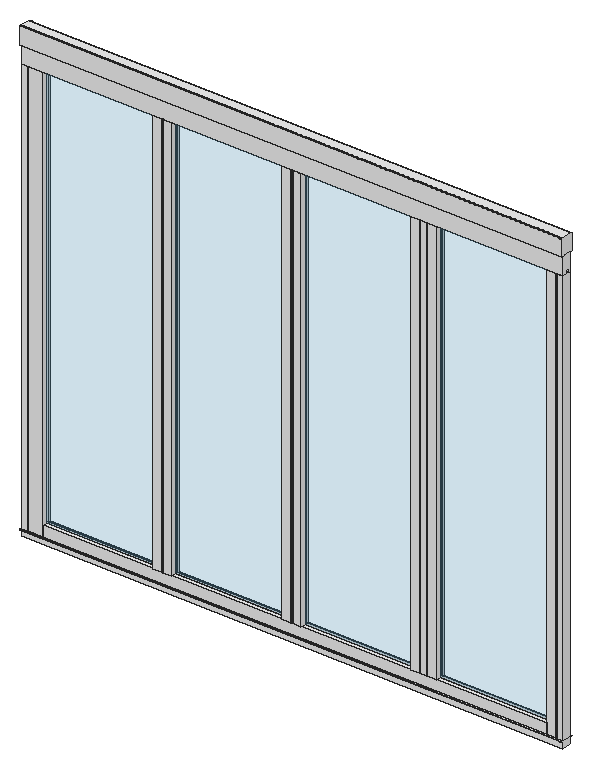
Revit family "Window-NanaWall-HSW-60", category Windows, host Wall, Revit 2013 (continued)
Definition of nested family "Right-Jamb_HSW-60"
  Definition of nested family "Profile_RightJamb_HSW60"
    Lines and regions (in)
      model lines, in view "Ref. Level"
        curve 894: line (-2.14743, 0.61943, 0) -> (-2.15919, 0.6398, 0)
        curve 895: line (-2.15919, 0.6398, 0) -> (-2.15919, 0.67417, 0)
        curve 896: line (-2.15919, 0.67417, 0) -> (-2.15919, 0.6398, 0)
        curve 897: line (-2.15919, 0.6398, 0) -> (-2.14743, 0.61943, 0)
        curve 898: line (-2.14743, 0.61943, 0) -> (-2.15919, 0.59906, 0)
        curve 899: line (-2.15919, 0.59906, 0) -> (-2.15919, 0.34934, 0)
        curve 900: line (-1.99384, 0.76278, 0) -> (-2.10611, 0.73943, 0)
        curve 901: line (-2.10611, 0.73943, 0) -> (-1.99384, 0.76278, 0)
        curve 902: line (-1.99384, 0.76278, 0) -> (-2.10611, 0.73943, 0)
        curve 903: line (-2.10611, 0.73943, 0) -> (-1.99384, 0.76278, 0)
        curve 904: line (-0.12447, 1.09773, 0) -> (-0.02254, 1.09773, 0)
        curve 905: line (-0.02254, 1.09773, 0) -> (-0.12447, 1.09773, 0)
        curve 906: line (-0.12447, 1.09773, 0) -> (-0.02254, 1.09773, 0)
        curve 907: line (-0.02254, 1.09773, 0) -> (-0.12447, 1.09773, 0)
        curve 908: line (-0.29697, 0.93307, 0) -> (-0.29697, 0.99481, 0)
        curve 909: line (-0.29697, 0.99481, 0) -> (-0.29697, 0.93307, 0)
        curve 910: line (-0.29697, 0.93307, 0) -> (-0.29697, 0.99481, 0)
        curve 911: line (-0.29697, 0.99481, 0) -> (-0.29697, 0.93307, 0)
        curve 912: line (-0.21072, 0.89386, 0) -> (-0.21072, 0.92523, 0)
        curve 913: line (-0.21072, 0.92523, 0) -> (-0.21072, 0.89386, 0)
        curve 914: line (-0.21072, 0.89386, 0) -> (-0.25777, 0.89386, 0)
        curve 915: line (-0.25777, 0.89386, 0) -> (-0.21072, 0.89386, 0)
        curve 916: line (-0.21072, 0.89386, 0) -> (-0.21072, 0.92523, 0)
        curve 917: line (-0.21072, 0.92523, 0) -> (-0.21072, 0.89386, 0)
        curve 918: line (-0.21072, 0.89386, 0) -> (-0.25777, 0.89386, 0)
        curve 919: line (-0.25777, 0.89386, 0) -> (-0.21072, 0.89386, 0)
        curve 920: line (-0.04848, 0.89827, 0) -> (-0.18491, 0.94382, 0)
        curve 921: line (-0.18491, 0.94382, 0) -> (-0.04848, 0.89827, 0)
        curve 922: line (-0.04848, 0.89827, 0) -> (-0.18491, 0.94382, 0)
        curve 923: line (-0.18491, 0.94382, 0) -> (-0.04848, 0.89827, 0)
        curve 924: line (-0.00294, 0.34934, 0) -> (-0.00294, 0.83506, 0)
        curve 925: line (-0.00294, 0.83506, 0) -> (-0.00294, 0.34934, 0)
        curve 926: line (-0.06959, 0.54886, 0) -> (-0.94668, 0.54886, 0)
        curve 927: line (-0.94668, 0.54886, 0) -> (-0.06959, 0.54886, 0)
        curve 928: line (-0.06959, 0.54886, 0) -> (-0.94668, 0.54886, 0)
        curve 929: line (-0.94668, 0.54886, 0) -> (-0.06959, 0.54886, 0)
        curve 930: line (-0.06959, 0.54886, 0) -> (-0.06959, 0.83506, 0)
        curve 931: line (-0.06959, 0.83506, 0) -> (-0.25777, 0.83506, 0)
        curve 932: line (-0.25777, 0.83506, 0) -> (-0.06959, 0.83506, 0)
        curve 933: line (-0.06959, 0.83506, 0) -> (-0.06959, 0.54886, 0)
        curve 934: line (-0.06959, 0.54886, 0) -> (-0.06959, 0.83506, 0)
        curve 935: line (-0.06959, 0.83506, 0) -> (-0.25777, 0.83506, 0)
        curve 936: line (-0.25777, 0.83506, 0) -> (-0.06959, 0.83506, 0)
        curve 937: line (-0.06959, 0.83506, 0) -> (-0.06959, 0.54886, 0)
        curve 938: line (-0.07645, 0.46261, 0) -> (-0.07645, 0.44144, 0)
        curve 939: line (-0.07645, 0.44144, 0) -> (-0.12055, 0.36505, 0)
        curve 940: line (-0.12055, 0.36505, 0) -> (-0.12055, 0.35535, 0)
        curve 941: line (-0.12055, 0.35535, 0) -> (-0.12055, 0.36505, 0)
        curve 942: line (-0.12055, 0.36505, 0) -> (-0.07645, 0.44144, 0)
        curve 943: line (-0.07645, 0.44144, 0) -> (-0.07645, 0.46261, 0)
        curve 944: line (-0.07645, 0.46261, 0) -> (-0.07645, 0.44144, 0)
        curve 945: line (-0.07645, 0.44144, 0) -> (-0.12055, 0.36505, 0)
        curve 946: line (-0.12055, 0.36505, 0) -> (-0.12055, 0.35535, 0)
        curve 947: line (-0.12055, 0.35535, 0) -> (-0.02763, 0.3304, 0)
        curve 948: line (-0.02762, 0.3304, 0) -> (-0.12055, 0.3553, 0)
        curve 949: line (-0.95944, 0.47045, 0) -> (-0.35405, 0.47045, 0)
        curve 950: line (-0.35405, 0.47045, 0) -> (-0.29746, 0.37244, 0)
        curve 951: line (-0.29746, 0.37244, 0) -> (-0.35405, 0.47045, 0)
        curve 952: line (-0.35405, 0.47045, 0) -> (-0.95944, 0.47045, 0)
        curve 953: line (-1.86467, 0.37244, 0) -> (-1.80808, 0.47045, 0)
        curve 954: line (-1.80808, 0.47045, 0) -> (-1.16349, 0.47045, 0)
        curve 955: line (-1.16349, 0.47045, 0) -> (-1.80808, 0.47045, 0)
        curve 956: line (-1.80808, 0.47045, 0) -> (-1.86467, 0.37244, 0)
        curve 957: line (-1.96317, 0.35284, 0) -> (-1.89862, 0.35284, 0)
        curve 958: line (-1.89862, 0.35284, 0) -> (-1.96317, 0.35284, 0)
        curve 959: line (-1.96317, 0.35284, 0) -> (-1.96317, 0.36505, 0)
        curve 960: line (-1.96317, 0.36505, 0) -> (-1.91906, 0.44144, 0)
        curve 961: line (-1.91906, 0.44144, 0) -> (-1.91906, 0.46261, 0)
        curve 962: line (-1.17625, 0.54886, 0) -> (-1.50447, 0.54886, 0)
        curve 963: line (-1.50447, 0.54886, 0) -> (-1.50447, 0.78801, 0)
        curve 964: line (-1.50447, 0.78801, 0) -> (-1.3751, 0.78801, 0)
        curve 965: line (-1.3751, 0.78801, 0) -> (-1.50447, 0.78801, 0)
        curve 966: line (-1.50447, 0.78801, 0) -> (-1.3751, 0.78801, 0)
        curve 967: line (-1.96317, -0.35284, 0) -> (-1.89862, -0.35284, 0)
        curve 968: line (-1.89862, -0.35284, 0) -> (-1.95294, -0.35284, 0)
        curve 969: line (-1.95294, -0.35284, 0) -> (-1.89862, -0.35284, 0)
        curve 970: line (-1.89862, -0.35284, 0) -> (-1.96317, -0.35284, 0)
        curve 971: line (-1.96317, -0.35284, 0) -> (-1.96317, -0.36505, 0)
        curve 972: line (-1.96317, -0.36505, 0) -> (-1.91906, -0.44144, 0)
        curve 973: line (-1.91906, -0.44144, 0) -> (-1.91906, -0.46261, 0)
        curve 974: line (-1.91906, -0.46261, 0) -> (-1.91906, -0.44144, 0)
        curve 975: line (-1.91906, -0.44144, 0) -> (-1.96317, -0.36505, 0)
        curve 976: line (-1.96317, -0.36505, 0) -> (-1.96317, -0.32593, 0)
        curve 977: line (-1.96317, -0.32593, 0) -> (-1.96317, -0.36505, 0)
        curve 978: line (-0.95944, -0.47045, 0) -> (-0.35405, -0.47045, 0)
        curve 979: line (-0.35405, -0.47045, 0) -> (-0.29746, -0.37244, 0)
        curve 980: line (-0.29746, -0.37244, 0) -> (-0.35405, -0.47045, 0)
        curve 981: line (-0.35405, -0.47045, 0) -> (-0.95944, -0.47045, 0)
        curve 982: line (-0.19896, -0.35284, 0) -> (-0.26351, -0.35284, 0)
        curve 983: line (-0.26351, -0.35284, 0) -> (-0.19896, -0.35284, 0)
        curve 984: line (-0.19896, -0.35284, 0) -> (-0.19896, -0.36505, 0)
        curve 985: line (-0.19896, -0.36505, 0) -> (-0.24307, -0.44144, 0)
        curve 986: line (-0.24307, -0.44144, 0) -> (-0.24307, -0.46261, 0)
        curve 987: line (-0.24307, -0.46261, 0) -> (-0.24307, -0.44144, 0)
        curve 988: line (-0.24307, -0.44144, 0) -> (-0.19896, -0.36505, 0)
        curve 989: line (-0.19896, -0.36505, 0) -> (-0.19896, -0.32593, 0)
        curve 990: line (-0.19896, -0.32593, 0) -> (-0.19896, -0.36505, 0)
        curve 991: line (-0.19896, -0.36505, 0) -> (-0.24307, -0.44144, 0)
        curve 992: line (-0.24307, -0.44144, 0) -> (-0.24307, -0.46261, 0)
        curve 993: line (-2.15919, -0.67417, 0) -> (-2.15919, -0.6398, 0)
        curve 994: line (-2.15919, -0.6398, 0) -> (-2.14743, -0.61943, 0)
        curve 995: line (-2.14743, -0.61943, 0) -> (-2.15919, -0.59906, 0)
        curve 996: line (-2.15919, -0.59906, 0) -> (-2.15919, -0.34934, 0)
        curve 997: line (-2.15919, -0.34934, 0) -> (-2.15919, -0.59906, 0)
        curve 998: line (-2.15919, -0.59906, 0) -> (-2.14743, -0.61943, 0)
        curve 999: line (-2.14743, -0.61943, 0) -> (-2.15919, -0.6398, 0)
        curve 1000: line (-2.15919, -0.6398, 0) -> (-2.15919, -0.67417, 0)
        curve 1001: line (-1.99384, -0.76278, 0) -> (-2.10611, -0.73943, 0)
        curve 1002: line (-2.10611, -0.73943, 0) -> (-1.99384, -0.76278, 0)
        curve 1003: line (-1.57112, -0.87034, 0) -> (-1.57112, -0.54886, 0)
        curve 1004: line (-1.57112, -0.54886, 0) -> (-2.09254, -0.54886, 0)
        curve 1005: line (-2.09254, -0.54886, 0) -> (-2.09254, -0.69019, 0)
        curve 1006: line (-2.09254, -0.69019, 0) -> (-1.98346, -0.71288, 0)
        curve 1007: line (-1.98346, -0.71288, 0) -> (-2.09254, -0.69019, 0)
        curve 1008: line (-2.09254, -0.69019, 0) -> (-2.09254, -0.54886, 0)
        curve 1009: line (-2.09254, -0.54886, 0) -> (-1.57112, -0.54886, 0)
        curve 1010: line (-1.57112, -0.54886, 0) -> (-1.57112, -0.87034, 0)
        curve 1011: line (-1.53192, -0.88994, 0) -> (-1.53192, -0.85074, 0)
        curve 1012: line (-1.53192, -0.85074, 0) -> (-1.3751, -0.85074, 0)
        curve 1013: line (-1.3751, -0.85074, 0) -> (-1.3751, -1.10557, 0)
        curve 1014: line (-1.3751, -1.10557, 0) -> (-1.53192, -1.10557, 0)
        curve 1015: line (-1.53192, -1.10557, 0) -> (-1.53192, -1.06636, 0)
        curve 1016: line (-1.53192, -1.06636, 0) -> (-1.55152, -1.06636, 0)
        curve 1017: line (-1.55152, -1.06636, 0) -> (-1.53192, -1.06636, 0)
        curve 1018: line (-1.53192, -1.06636, 0) -> (-1.53192, -1.10557, 0)
        curve 1019: line (-1.53192, -1.10557, 0) -> (-1.3751, -1.10557, 0)
        curve 1020: line (-1.3751, -1.10557, 0) -> (-1.3751, -0.85074, 0)
        curve 1021: line (-1.3751, -0.85074, 0) -> (-1.53192, -0.85074, 0)
        curve 1022: line (-1.53192, -0.85074, 0) -> (-1.53192, -0.88994, 0)
        curve 1023: line (-1.53192, -0.88994, 0) -> (-1.55152, -0.88994, 0)
        curve 1024: line (-1.55152, -0.88994, 0) -> (-1.53192, -0.88994, 0)
        curve 1025: line (-1.53192, -0.88994, 0) -> (-1.53192, -0.86054, 0)
        curve 1026: line (-1.53192, -0.86054, 0) -> (-1.51232, -0.86054, 0)
        curve 1027: line (-1.51232, -0.86054, 0) -> (-1.44419, -0.93983, 0)
        curve 1028: line (-0.00294, -1.11733, 0) -> (-0.00294, -1.16438, 0)
        curve 1029: line (-0.00294, -1.16438, 0) -> (-1.57112, -1.16438, 0)
        curve 1030: line (-1.57112, -1.16438, 0) -> (-1.57112, -1.08597, 0)
        curve 1031: line (-1.57112, -1.08597, 0) -> (-1.57112, -1.16438, 0)
        curve 1032: line (-1.57112, -1.16438, 0) -> (-0.00294, -1.16438, 0)
        curve 1033: line (-0.00294, -1.16438, 0) -> (-0.00294, -1.11733, 0)
        curve 1034: line (-0.12447, -1.09773, 0) -> (-0.02254, -1.09773, 0)
        curve 1035: line (-0.02254, -1.09773, 0) -> (-0.12447, -1.09773, 0)
        curve 1036: line (-0.29697, -0.93307, 0) -> (-0.29697, -0.99481, 0)
        curve 1037: line (-0.29697, -0.99481, 0) -> (-0.29697, -0.93307, 0)
        curve 1038: line (-0.21072, -0.92523, 0) -> (-0.21072, -0.89386, 0)
        curve 1039: line (-0.21072, -0.89386, 0) -> (-0.25777, -0.89386, 0)
        curve 1040: line (-0.25777, -0.89386, 0) -> (-0.21072, -0.89386, 0)
        curve 1041: line (-0.21072, -0.89386, 0) -> (-0.21072, -0.92523, 0)
        curve 1042: line (-0.04848, -0.89827, 0) -> (-0.18491, -0.94382, 0)
        curve 1043: line (-0.18491, -0.94382, 0) -> (-0.04848, -0.89827, 0)
        curve 1044: line (-0.00294, -0.34934, 0) -> (-0.00294, -0.83506, 0)
        curve 1045: line (-0.00294, -0.83506, 0) -> (-0.00294, -0.34934, 0)
        curve 1046: line (-1.80808, -0.47045, 0) -> (-1.86467, -0.37244, 0)
        curve 1047: line (-1.86467, -0.37244, 0) -> (-1.80808, -0.47045, 0)
        curve 1048: line (-1.80808, -0.47045, 0) -> (-1.16349, -0.47045, 0)
        curve 1049: line (-1.16349, -0.47045, 0) -> (-1.80808, -0.47045, 0)
        curve 1050: line (-1.80808, -0.47045, 0) -> (-1.86467, -0.37244, 0)
        curve 1051: line (-1.86467, -0.37244, 0) -> (-1.80808, -0.47045, 0)
        curve 1052: line (-1.80808, -0.47045, 0) -> (-1.16349, -0.47045, 0)
        curve 1053: line (-1.16349, -0.47045, 0) -> (-1.80808, -0.47045, 0)
        curve 1054: line (-1.50447, -0.78801, 0) -> (-1.50447, -0.54886, 0)
        curve 1055: line (-1.50447, -0.54886, 0) -> (-1.17625, -0.54886, 0)
        curve 1056: line (-1.17625, -0.54886, 0) -> (-1.50447, -0.54886, 0)
        curve 1057: line (-1.50447, -0.54886, 0) -> (-1.50447, -0.78801, 0)
        curve 1058: line (-1.50447, -0.78801, 0) -> (-1.3751, -0.78801, 0)
        curve 1059: line (-1.3751, -0.78801, 0) -> (-1.50447, -0.78801, 0)
        curve 1060: line (-1.50447, -0.78801, 0) -> (-1.50447, -0.54886, 0)
        curve 1061: line (-1.50447, -0.54886, 0) -> (-1.17625, -0.54886, 0)
        curve 1062: line (-1.17625, -0.54886, 0) -> (-1.50447, -0.54886, 0)
        curve 1063: line (-1.50447, -0.54886, 0) -> (-1.50447, -0.78801, 0)
        curve 1064: line (-1.50447, -0.78801, 0) -> (-1.3751, -0.78801, 0)
        curve 1065: line (-1.3751, -0.78801, 0) -> (-1.50447, -0.78801, 0)
        curve 1066: line (-1.30845, -0.85466, 0) -> (-1.30845, -1.09381, 0)
        curve 1067: line (-1.30845, -1.09381, 0) -> (-1.30845, -0.85466, 0)
        curve 1068: line (-1.30845, -0.85466, 0) -> (-1.30845, -1.09381, 0)
        curve 1069: line (-1.30845, -1.09381, 0) -> (-0.36362, -1.09381, 0)
        curve 1070: line (-0.36362, -1.09381, 0) -> (-0.36362, -0.94091, 0)
        curve 1071: line (-0.36362, -0.94091, 0) -> (-0.36362, -1.09381, 0)
        curve 1072: line (-0.36362, -1.09381, 0) -> (-1.30845, -1.09381, 0)
        curve 1073: line (-1.30845, -1.09381, 0) -> (-1.30845, -0.85466, 0)
        curve 1074: line (-0.25777, -0.83506, 0) -> (-0.06959, -0.83506, 0)
        curve 1075: line (-0.06959, -0.83506, 0) -> (-0.06959, -0.54886, 0)
        curve 1076: line (-0.06959, -0.54886, 0) -> (-0.94668, -0.54886, 0)
        curve 1077: line (-0.94668, -0.54886, 0) -> (-0.06959, -0.54886, 0)
        curve 1078: line (-0.06959, -0.54886, 0) -> (-0.06959, -0.83506, 0)
        curve 1079: line (-0.06959, -0.83506, 0) -> (-0.25777, -0.83506, 0)
        curve 1105: line (-0.36362, -1.09381, 0) -> (-0.36362, -0.94091, 0)
        curve 1106: line (-0.36362, -0.94091, 0) -> (-0.36362, -1.09381, 0)
        curve 1107: line (-0.24307, 0.46261, 0) -> (-0.24307, 0.44144, 0)
        curve 1108: line (-0.24307, 0.44144, 0) -> (-0.19896, 0.36505, 0)
        curve 1109: line (-0.19896, 0.36505, 0) -> (-0.19896, 0.32593, 0)
        curve 1110: line (-0.19896, 0.32593, 0) -> (-0.19896, 0.36505, 0)
        curve 1111: line (-0.19896, 0.36505, 0) -> (-0.24307, 0.44144, 0)
        curve 1112: line (-0.24307, 0.44144, 0) -> (-0.24307, 0.46261, 0)
        curve 1113: line (-0.24307, 0.46261, 0) -> (-0.24307, 0.44144, 0)
        curve 1114: line (-0.24307, 0.44144, 0) -> (-0.19896, 0.36505, 0)
        curve 1115: line (-0.19896, 0.36505, 0) -> (-0.19896, 0.35284, 0)
        curve 1116: line (-0.19896, 0.35284, 0) -> (-0.26351, 0.35284, 0)
        curve 1117: line (-0.26351, 0.35284, 0) -> (-0.19896, 0.35284, 0)
        curve 1118: line (-0.07645, -0.46261, 0) -> (-0.07645, -0.44144, 0)
        curve 1119: line (-0.07645, -0.44144, 0) -> (-0.12055, -0.36505, 0)
        curve 1120: line (-0.12055, -0.36505, 0) -> (-0.12055, -0.35535, 0)
        curve 1121: line (-0.12055, -0.35535, 0) -> (-0.02763, -0.3304, 0)
        curve 1122: line (-0.02763, -0.3304, 0) -> (-0.12055, -0.35535, 0)
        curve 1123: line (-0.12055, -0.35535, 0) -> (-0.12055, -0.36505, 0)
        curve 1124: line (-0.12055, -0.36505, 0) -> (-0.07645, -0.44144, 0)
        curve 1125: line (-0.07645, -0.44144, 0) -> (-0.07645, -0.46261, 0)
        curve 1126: line (-0.07645, -0.46261, 0) -> (-0.07645, -0.44144, 0)
        curve 1127: line (-0.07645, -0.44144, 0) -> (-0.12055, -0.36505, 0)
        curve 1128: line (-0.12055, -0.36505, 0) -> (-0.12055, -0.35535, 0)
        curve 1129: line (-2.08568, -0.46261, 0) -> (-2.08568, -0.44144, 0)
        curve 1130: line (-2.08568, -0.44144, 0) -> (-2.04158, -0.36505, 0)
        curve 1131: line (-2.04158, -0.36505, 0) -> (-2.04158, -0.35535, 0)
        curve 1132: line (-0.36362, 1.09381, 0) -> (-0.36362, 0.94091, 0)
        curve 1133: line (-0.36362, 0.94091, 0) -> (-0.36362, 1.09381, 0)
        curve 1134: line (-0.36362, 1.09381, 0) -> (-1.30845, 1.09381, 0)
        curve 1135: line (-1.30845, 1.09381, 0) -> (-1.30845, 0.85466, 0)
        curve 1136: line (-1.53192, 0.88994, 0) -> (-1.53192, 0.85074, 0)
        curve 1137: line (-1.53192, 0.85074, 0) -> (-1.3751, 0.85074, 0)
        curve 1138: line (-1.3751, 0.85074, 0) -> (-1.3751, 1.10557, 0)
        curve 1139: line (-1.3751, 1.10557, 0) -> (-1.53192, 1.10557, 0)
        curve 1140: line (-1.53192, 1.10557, 0) -> (-1.53192, 1.06636, 0)
        curve 1141: line (-1.53192, 1.06636, 0) -> (-1.55152, 1.06636, 0)
        curve 1142: line (-1.57112, 1.08597, 0) -> (-1.57112, 1.16438, 0)
        curve 1143: line (-1.57112, 1.16438, 0) -> (-0.00294, 1.16438, 0)
        curve 1144: line (-0.00294, 1.16438, 0) -> (-0.00294, 1.11733, 0)
        curve 1145: line (-0.00294, 1.11733, 0) -> (-0.00294, 1.16438, 0)
        curve 1146: line (-1.57112, 0.87034, 0) -> (-1.57112, 0.54886, 0)
        curve 1147: line (-1.57112, 0.54886, 0) -> (-2.09254, 0.54886, 0)
        curve 1148: line (-2.09254, 0.54886, 0) -> (-2.09254, 0.69019, 0)
        curve 1149: line (-2.09254, 0.69019, 0) -> (-1.98346, 0.71288, 0)
        curve 1150: line (-1.98346, 0.71288, 0) -> (-2.09254, 0.69019, 0)
        curve 1151: line (-2.09254, 0.69019, 0) -> (-2.09254, 0.54886, 0)
        curve 1152: arc (-2.10611, 0.73943, 0) -> (-2.14425, 0.71623, 0) -> (-2.15919, 0.67417, 0) r 0.06665
        curve 1153: arc (-2.10611, 0.73943, 0) -> (-2.14425, 0.71623, 0) -> (-2.15919, 0.67417, 0) r 0.06665
        curve 1154: arc (-1.3751, 0.78801, 0) -> (-1.32797, 0.80753, 0) -> (-1.30845, 0.85466, 0) r 0.06665
        curve 1155: arc (-1.57112, 1.08597, 0) -> (-1.56538, 1.07211, 0) -> (-1.55152, 1.06636, 0) r 0.0196
        curve 1156: arc (-1.55152, 0.88994, 0) -> (-1.56538, 0.8842, 0) -> (-1.57112, 0.87034, 0) r 0.0196
        curve 1157: arc (-0.02254, 1.09773, 0) -> (-0.00868, 1.10347, 0) -> (-0.00294, 1.11733, 0) r 0.0196
        curve 1158: arc (-0.02254, 1.09773, 0) -> (-0.00868, 1.10347, 0) -> (-0.00294, 1.11733, 0) r 0.0196
Definition of nested family "Sill_HSW60"
  Parameters (values of type "Sill_HSW60")
    system length 1 = 12' - 0"
    Sill = Metal - NanaWall - Aluminum
    Height = 0' - 0"
    Half = yes
    Assembly Code = ""
  Reference planes (in)
    plane 1 "Center (Front/Back)": y = 0
    plane 2: z = 0
    plane 3 "Center (Left/Right)": x = -7.30207
    plane 4 "Left": x = -79.30207
    plane 5 "Right": x = 64.69793
    plane 6 "Top": z = 0
  Forms (in)
    Sweep 1, solid, material "Metal - NanaWall - Aluminum" <- "Sill"
      path origin (-67.09578, 179.98047, 0) x (-1, 0, 0) y (0, -1, 0)
        loop
          line (12.20629, 180) -> (-131.79371, 180)
      profile origin (-7.30207, -0.01953, 0) x (0, 1, 0) y (0, 0, 1)
        loop
          line (1.168, 0) -> (1.6741, 0) -> (1.6741, 0.03893) -> (1.63517, 0.07786) -> (-1.5961, 0.07786) -> (-1.63504, 0.03893) -> (-1.63504, 0) -> (-1.12893, 0) -> (-1.12893, -1.75189) -> (1.168, -1.75189) -> (1.168, 0)
  Dimensions and locks (in)
    equal spacing: plane 4 "Left", plane 3 "Center (Left/Right)", plane 5 "Right"
    "system length 1": plane 4 "Left" to plane 5 "Right"
    "Height": plane 6 "Top" to level
    aligned and locked: Sweep 1 sketch curve to level
    aligned and locked: profile plane to Sweep 1 sketch curve
    aligned and locked: nested 1 to plane 6 "Top"
    aligned and locked: nested 1 to plane 1 "Center (Front/Back)"
  Automatic sketch dimensions
    plane 1 "Center (Front/Back)" to Sweep 1 sketch curve = 0' - 0 5/256"
    Sweep 1 sketch curve to plane 5 "Right" = 0' - 0"
    Sweep 1 sketch curve to plane 4 "Left" = 0' - 0"
    Sweep 1 sketch curve to Sweep 1 sketch curve = 0' - 0.03893"  (x5)
    Sweep 1 sketch curve to Sweep 1 sketch curve = 0' - 0.5061"
    Sweep 1 sketch curve to Sweep 1 sketch curve = 0' - 1.75189"
    profile plane to Sweep 1 sketch curve = 0' - 1.63504"
    Sweep 1 sketch curve to profile plane = 0' - 1.168"
    Sweep 1 sketch curve to Sweep 1 sketch curve = 0' - 0.46717"
  Nested families (in)
    nested 1: "Profile_Sill_HSW60" at (-79.30207, 0, 0) x (0, 1, 0) z (1, 0, 0), type "Profile_Sill_HSW60"
  Definition of nested family "Profile_Sill_HSW60"
    Parameters (values of type "Head_WD66")
      SmartBIM Object Version = 1  # constant formula
      SmartBIM Object Created By = "Reed Construction Data"  # constant formula
      Half = yes
      Assembly Code = ""
      95 CSI = ""
      04 CSI = ""
    Types (2): name
      Head_WD66
      Profile_Sill_HSW60
    Reference planes (in)
      plane 1 "Center (Front/Back)": y = 0
      plane 2: z = 0
      plane 3 "Center (Left/Right)": x = 0
    Lines and regions (in)
      model lines, style "DetailComponents", in view "Ref. Level"
        curve 1: arc (-0.27814, 0.98301, 0) -> (-0.27101, 0.97588, 0) -> (-0.26128, 0.97327, 0) r 0.01947
        curve 2: arc (-0.46717, 1.05406, 0) -> (-0.46489, 1.04855, 0) -> (-0.45939, 1.04627, 0) r 0.00779
        curve 3: arc (-0.45939, 1.21173, 0) -> (-0.46489, 1.20945, 0) -> (-0.46717, 1.20394, 0) r 0.00779
        curve 4: arc (-0.28994, 1.14846, 0) -> (-0.30419, 1.16271, 0) -> (-0.32365, 1.16793, 0) r 0.03893
        curve 5: arc (0.32365, 1.16793, 0) -> (0.30419, 1.16271, 0) -> (0.28994, 1.14846, 0) r 0.03893
        curve 6: arc (0.46717, 1.20394, 0) -> (0.46489, 1.20945, 0) -> (0.45939, 1.21173, 0) r 0.00779
        curve 7: arc (0.45939, 1.04627, 0) -> (0.46489, 1.04855, 0) -> (0.46717, 1.05406, 0) r 0.00779
        curve 8: arc (0.26128, 0.97327, 0) -> (0.27101, 0.97588, 0) -> (0.27814, 0.98301, 0) r 0.01947
        curve 9: arc (0.35287, 1.09007, 0) -> (0.34314, 1.08746, 0) -> (0.33601, 1.08033, 0) r 0.01947
        curve 10: arc (-0.33601, 1.08033, 0) -> (-0.34314, 1.08746, 0) -> (-0.35287, 1.09007, 0) r 0.01947
        curve 11: arc (-0.24105, 1.06379, 0) -> (-0.2268, 1.04954, 0) -> (-0.20733, 1.04432, 0) r 0.03893
        curve 12: arc (0.20733, 1.04432, 0) -> (0.2268, 1.04954, 0) -> (0.24105, 1.06379, 0) r 0.03893
        curve 13: arc (1.09201, 0.59564, 0) -> (1.07825, 0.58994, 0) -> (1.07255, 0.57618, 0) r 0.01947
        curve 14: arc (1.05892, 0.48664, 0) -> (1.06462, 0.47287, 0) -> (1.07839, 0.46717, 0) r 0.01947
        curve 15: arc (0.87011, 0.57618, 0) -> (0.86441, 0.58994, 0) -> (0.85064, 0.59564, 0) r 0.01947
        curve 16: arc (0.86427, 0.46717, 0) -> (0.87803, 0.47287, 0) -> (0.88373, 0.48664, 0) r 0.01947
        curve 17: arc (1.10953, 2.02441, 0) -> (1.09577, 2.01871, 0) -> (1.09007, 2.00495, 0) r 0.01947
        curve 18: arc (0.3281, 0.99778, 0) -> (0.33145, 0.98089, 0) -> (0.3469, 0.97327, 0) r 0.01947
        curve 19: arc (0.76694, 0.85826, 0) -> (0.73325, 0.93959, 0) -> (0.65193, 0.97327, 0) r 0.11501
        curve 20: arc (0.78722, 0.49817, 0) -> (0.80077, 0.4759, 0) -> (0.82534, 0.46717, 0) r 0.03893
        curve 21: arc (0.98787, 1.73243, 0) -> (1.06258, 1.80399, 0) -> (1.09007, 1.90372, 0) r 0.19465
        curve 22: arc (0.88763, 1.77136, 0) -> (0.89903, 1.74383, 0) -> (0.92656, 1.73243, 0) r 0.03893
        curve 23: arc (0.91877, 1.81808, 0) -> (0.93485, 1.82657, 0) -> (0.9369, 1.84463, 0) r 0.01947
        curve 24: arc (0.88309, 1.98232, 0) -> (0.85876, 2.01288, 0) -> (0.82144, 2.02441, 0) r 0.06618
        curve 25: arc (0.3469, 2.02441, 0) -> (0.33145, 2.0168, 0) -> (0.3281, 1.99991, 0) r 0.01947
        curve 26: arc (0.35038, 1.76566, 0) -> (0.35559, 1.74619, 0) -> (0.36984, 1.73194, 0) r 0.03893
        curve 27: arc (0.36984, 1.26574, 0) -> (0.35559, 1.25149, 0) -> (0.35038, 1.23203, 0) r 0.03893
        curve 28: arc (0.83312, 0.88373, 0) -> (0.77197, 0.99636, 0) -> (0.65193, 1.04124, 0) r 0.18298
        curve 29: arc (0.82144, 1.77136, 0) -> (0.85223, 1.69703, 0) -> (0.92656, 1.66625, 0) r 0.10511
        curve 30: arc (-0.65015, 1.03946, 0) -> (-0.76951, 0.99517, 0) -> (-0.83108, 0.88373, 0) r 0.18298
        curve 31: arc (-0.35038, 1.23203, 0) -> (-0.35559, 1.25149, 0) -> (-0.36984, 1.26574, 0) r 0.03893
        curve 32: arc (-0.3469, 0.97327, 0) -> (-0.33145, 0.98089, 0) -> (-0.3281, 0.99779, 0) r 0.01947
        curve 33: arc (-0.65015, 0.97327, 0) -> (-0.73273, 0.93907, 0) -> (-0.76694, 0.85648, 0) r 0.11679
        curve 34: arc (-0.82534, 0.46717, 0) -> (-0.80077, 0.4759, 0) -> (-0.78722, 0.49817, 0) r 0.03893
        curve 35: arc (-0.3281, 1.99991, 0) -> (-0.33145, 2.0168, 0) -> (-0.3469, 2.02441, 0) r 0.01947
        curve 36: arc (-0.36984, 1.73194, 0) -> (-0.35559, 1.74619, 0) -> (-0.35038, 1.76566, 0) r 0.03893
        curve 37: arc (-0.88373, 0.48664, 0) -> (-0.87803, 0.47287, 0) -> (-0.86427, 0.46717, 0) r 0.01947
        curve 38: arc (-1.07839, 0.46717, 0) -> (-1.06462, 0.47287, 0) -> (-1.05892, 0.48664, 0) r 0.01947
        curve 39: arc (-1.07255, 0.57618, 0) -> (-1.07825, 0.58994, 0) -> (-1.09201, 0.59564, 0) r 0.01947
        curve 40: arc (-0.85064, 0.59564, 0) -> (-0.86441, 0.58994, 0) -> (-0.87011, 0.57618, 0) r 0.01947
        curve 41: arc (-0.98106, 2.40204, 0) -> (-0.98448, 2.4103, 0) -> (-0.99274, 2.41372, 0) r 0.01168
        curve 42: arc (-0.99274, 2.69013, 0) -> (-0.98448, 2.69355, 0) -> (-0.98106, 2.70181, 0) r 0.01168
        curve 43: arc (-0.82923, 2.02441, 0) -> (-0.84638, 2.02215, 0) -> (-0.86235, 2.01553, 0) r 0.06618
        curve 44: arc (-1.01999, 2.32029, 0) -> (-0.99246, 2.33169, 0) -> (-0.98106, 2.35922, 0) r 0.03893
        curve 45: arc (0.33601, 1.91735, 0) -> (0.34314, 1.91023, 0) -> (0.35287, 1.90762, 0) r 0.01947
        curve 46: arc (-0.35287, 1.90762, 0) -> (-0.34314, 1.91023, 0) -> (-0.33601, 1.91735, 0) r 0.01947
        curve 47: arc (-0.20733, 1.95336, 0) -> (-0.2268, 1.94815, 0) -> (-0.24105, 1.9339, 0) r 0.03893
        curve 48: arc (0.24105, 1.9339, 0) -> (0.2268, 1.94815, 0) -> (0.20733, 1.95336, 0) r 0.03893
        curve 49: arc (-0.45939, 1.95142, 0) -> (-0.46489, 1.94913, 0) -> (-0.46717, 1.94363, 0) r 0.00779
        curve 50: arc (-0.46717, 1.79374, 0) -> (-0.46489, 1.78824, 0) -> (-0.45939, 1.78596, 0) r 0.00779
        curve 51: arc (-0.32365, 1.82976, 0) -> (-0.30419, 1.83497, 0) -> (-0.28994, 1.84922, 0) r 0.03893
        curve 52: arc (0.28994, 1.84922, 0) -> (0.30419, 1.83497, 0) -> (0.32365, 1.82976, 0) r 0.03893
        curve 53: arc (0.45939, 1.78596, 0) -> (0.46489, 1.78824, 0) -> (0.46717, 1.79374, 0) r 0.00779
        curve 54: arc (0.46717, 1.94363, 0) -> (0.46489, 1.94913, 0) -> (0.45939, 1.95142, 0) r 0.00779
        curve 55: arc (-0.26128, 2.02441, 0) -> (-0.27101, 2.0218, 0) -> (-0.27814, 2.01468, 0) r 0.01947
        curve 56: arc (0.27814, 2.01468, 0) -> (0.27101, 2.0218, 0) -> (0.26128, 2.02441, 0) r 0.01947
        curve 57: arc (0.31707, -0.92481, 0) -> (0.30994, -0.91768, 0) -> (0.30021, -0.91507, 0) r 0.01947
        curve 58: arc (-0.30021, -0.91507, 0) -> (-0.30994, -0.91768, 0) -> (-0.31707, -0.92481, 0) r 0.01947
        curve 59: arc (-0.3918, -1.03479, 0) -> (-0.38207, -1.03218, 0) -> (-0.37494, -1.02505, 0) r 0.01947
        curve 60: arc (-0.49832, -0.99099, 0) -> (-0.50382, -0.99327, 0) -> (-0.5061, -0.99877, 0) r 0.00779
        curve 61: arc (-0.5061, -1.14866, 0) -> (-0.50382, -1.15416, 0) -> (-0.49832, -1.15644, 0) r 0.00779
        curve 62: arc (-0.36258, -1.11265, 0) -> (-0.35795, -1.11237, 0) -> (-0.35338, -1.11154, 0) r 0.03893
        curve 63: arc (-0.35052, -1.11073, 0) -> (-0.34747, -1.1096, 0) -> (-0.34453, -1.10821, 0) r 0.03893
        curve 64: arc (-0.34173, -1.10659, 0) -> (-0.33906, -1.10474, 0) -> (-0.33655, -1.10267, 0) r 0.03893
        curve 65: arc (-0.33442, -1.1006, 0) -> (-0.33142, -1.09706, 0) -> (-0.32887, -1.09318, 0) r 0.03893
        curve 66: arc (-0.27218, -0.9972, 0) -> (-0.27518, -1.00074, 0) -> (-0.27773, -1.00461, 0) r 0.03893
        curve 67: arc (-0.26487, -0.9912, 0) -> (-0.26754, -0.99306, 0) -> (-0.27004, -0.99513, 0) r 0.03893
        curve 68: arc (-0.25608, -0.98706, 0) -> (-0.25912, -0.9882, 0) -> (-0.26206, -0.98958, 0) r 0.03893
        curve 69: arc (-0.24402, -0.98515, 0) -> (-0.24865, -0.98543, 0) -> (-0.25322, -0.98625, 0) r 0.03893
        curve 70: arc (0.25322, -0.98625, 0) -> (0.24865, -0.98543, 0) -> (0.24402, -0.98515, 0) r 0.03893
        curve 71: arc (0.26207, -0.98959, 0) -> (0.25913, -0.9882, 0) -> (0.25608, -0.98706, 0) r 0.03893
        curve 72: arc (0.27005, -0.99513, 0) -> (0.26754, -0.99306, 0) -> (0.26487, -0.9912, 0) r 0.03893
        curve 73: arc (0.27773, -1.00461, 0) -> (0.27518, -1.00074, 0) -> (0.27218, -0.9972, 0) r 0.03893
        curve 74: arc (0.32887, -1.09318, 0) -> (0.33142, -1.09706, 0) -> (0.33442, -1.1006, 0) r 0.03893
        curve 75: arc (0.33656, -1.10267, 0) -> (0.33906, -1.10474, 0) -> (0.34173, -1.10659, 0) r 0.03893
        curve 76: arc (0.34454, -1.10821, 0) -> (0.34748, -1.1096, 0) -> (0.35052, -1.11073, 0) r 0.03893
        curve 77: arc (0.35338, -1.11154, 0) -> (0.35795, -1.11237, 0) -> (0.36258, -1.11265, 0) r 0.03893
        curve 78: arc (0.49832, -1.15644, 0) -> (0.50382, -1.15416, 0) -> (0.5061, -1.14866, 0) r 0.00779
        curve 79: arc (0.5061, -0.99877, 0) -> (0.50382, -0.99327, 0) -> (0.49832, -0.99099, 0) r 0.00779
        curve 80: arc (0.37494, -1.02505, 0) -> (0.38207, -1.03218, 0) -> (0.3918, -1.03479, 0) r 0.01947
        curve 81: arc (0.3918, -1.60084, 0) -> (0.38207, -1.60345, 0) -> (0.37494, -1.61057, 0) r 0.01947
        curve 82: arc (0.49832, -1.64464, 0) -> (0.50382, -1.64236, 0) -> (0.5061, -1.63685, 0) r 0.00779
        curve 83: arc (0.5061, -1.48697, 0) -> (0.50382, -1.48146, 0) -> (0.49832, -1.47918, 0) r 0.00779
        curve 84: arc (0.36258, -1.52298, 0) -> (0.35795, -1.52326, 0) -> (0.35338, -1.52408, 0) r 0.03893
        curve 85: arc (0.35052, -1.5249, 0) -> (0.34747, -1.52603, 0) -> (0.34453, -1.52742, 0) r 0.03893
        curve 86: arc (0.34173, -1.52903, 0) -> (0.33906, -1.53089, 0) -> (0.33655, -1.53296, 0) r 0.03893
        curve 87: arc (0.33442, -1.53503, 0) -> (0.33142, -1.53857, 0) -> (0.32887, -1.54245, 0) r 0.03893
        curve 88: arc (0.27218, -1.63843, 0) -> (0.27518, -1.63489, 0) -> (0.27773, -1.63101, 0) r 0.03893
        curve 89: arc (0.26487, -1.64443, 0) -> (0.26754, -1.64257, 0) -> (0.27004, -1.6405, 0) r 0.03893
        curve 90: arc (0.25608, -1.64856, 0) -> (0.25912, -1.64743, 0) -> (0.26206, -1.64604, 0) r 0.03893
        curve 91: arc (0.24402, -1.65048, 0) -> (0.24865, -1.6502, 0) -> (0.25322, -1.64938, 0) r 0.03893
        curve 92: arc (-0.25322, -1.64938, 0) -> (-0.24865, -1.6502, 0) -> (-0.24402, -1.65048, 0) r 0.03893
        curve 93: arc (-0.26207, -1.64604, 0) -> (-0.25913, -1.64743, 0) -> (-0.25608, -1.64856, 0) r 0.03893
        curve 94: arc (-0.27005, -1.6405, 0) -> (-0.26754, -1.64257, 0) -> (-0.26487, -1.64442, 0) r 0.03893
        curve 95: arc (-0.27773, -1.63101, 0) -> (-0.27518, -1.63489, 0) -> (-0.27218, -1.63843, 0) r 0.03893
        curve 96: arc (-0.32887, -1.54245, 0) -> (-0.33142, -1.53857, 0) -> (-0.33442, -1.53503, 0) r 0.03893
        curve 97: arc (-0.33656, -1.53296, 0) -> (-0.33906, -1.53089, 0) -> (-0.34173, -1.52903, 0) r 0.03893
        curve 98: arc (-0.34454, -1.52741, 0) -> (-0.34748, -1.52603, 0) -> (-0.35052, -1.52489, 0) r 0.03893
        curve 99: arc (-0.35338, -1.52408, 0) -> (-0.35795, -1.52326, 0) -> (-0.36258, -1.52298, 0) r 0.03893
        curve 100: arc (-0.49832, -1.47918, 0) -> (-0.50382, -1.48146, 0) -> (-0.5061, -1.48697, 0) r 0.00779
        curve 101: arc (-0.5061, -1.63685, 0) -> (-0.50382, -1.64236, 0) -> (-0.49832, -1.64464, 0) r 0.00779
        curve 102: arc (-0.37494, -1.61057, 0) -> (-0.38207, -1.60345, 0) -> (-0.3918, -1.60084, 0) r 0.01947
        curve 103: arc (-0.31707, -1.71082, 0) -> (-0.30994, -1.71795, 0) -> (-0.30021, -1.72055, 0) r 0.01947
        curve 104: arc (0.30021, -1.72055, 0) -> (0.30994, -1.71795, 0) -> (0.31707, -1.71082, 0) r 0.01947
        curve 105: arc (0.76694, -0.92794, 0) -> (0.75492, -0.90996, 0) -> (0.73371, -0.91418, 0) r 0.01947
        curve 106: arc (0.6229, -0.99274, 0) -> (0.65269, -0.98681, 0) -> (0.67795, -0.96993, 0) r 0.07786
        curve 107: arc (0.92522, -0.13206, 0) -> (0.93628, -0.07949, 0) -> (0.92646, -0.02667, 0) r 0.1382
        curve 108: arc (0.94454, 0, 0) -> (0.92843, -0.00854, 0) -> (0.92646, -0.02667, 0) r 0.01947
        curve 109: arc (0.83702, -0.23164, 0) -> (0.78746, -0.25216, 0) -> (0.76694, -0.30172, 0) r 0.07008
        curve 110: arc (0.75851, -0.14403, 0) -> (0.75442, -0.1196, 0) -> (0.72967, -0.11896, 0) r 0.01947
        curve 111: arc (0.77876, -0.00043, 0) -> (0.72435, -0.04732, 0) -> (0.72967, -0.11896, 0) r 0.07981
        curve 112: arc (0.77876, -0.00043, 0) -> (0.79809, -0.01752, 0) -> (0.81741, -0.00043, 0) r 0.01947
        curve 113: arc (0.8665, -0.11896, 0) -> (0.87182, -0.04732, 0) -> (0.81741, -0.00043, 0) r 0.07981
        curve 114: arc (0.8665, -0.11896, 0) -> (0.84175, -0.1196, 0) -> (0.83766, -0.14403, 0) r 0.01947
        curve 115: arc (0.88941, -0.15572, 0) -> (0.91087, -0.14927, 0) -> (0.92522, -0.13206, 0) r 0.03893
        curve 116: arc (0.81741, -1.47895, 0) -> (0.87182, -1.43206, 0) -> (0.8665, -1.36042, 0) r 0.07981
        curve 117: arc (0.81741, -1.47895, 0) -> (0.79809, -1.46186, 0) -> (0.77876, -1.47895, 0) r 0.01947
        curve 118: arc (0.72967, -1.36042, 0) -> (0.72435, -1.43206, 0) -> (0.77876, -1.47895, 0) r 0.07981
        curve 119: arc (0.72967, -1.36042, 0) -> (0.75442, -1.35977, 0) -> (0.75851, -1.33535, 0) r 0.01947
        curve 120: arc (0.70676, -1.32365, 0) -> (0.6853, -1.3301, 0) -> (0.67095, -1.34732, 0) r 0.03893
        curve 121: arc (0.67095, -1.34732, 0) -> (0.6599, -1.4036, 0) -> (0.67264, -1.45953, 0) r 0.1382
        curve 122: arc (0.65498, -1.48716, 0) -> (0.67138, -1.47818, 0) -> (0.67264, -1.45953, 0) r 0.01947
        curve 123: arc (0.92353, -1.45953, 0) -> (0.92479, -1.47818, 0) -> (0.94119, -1.48716, 0) r 0.01947
        curve 124: arc (0.92353, -1.45953, 0) -> (0.93627, -1.4036, 0) -> (0.92522, -1.34732, 0) r 0.1382
        curve 125: arc (0.92522, -1.34732, 0) -> (0.91087, -1.3301, 0) -> (0.88941, -1.32365, 0) r 0.03893
        curve 126: arc (0.83766, -1.33535, 0) -> (0.84175, -1.35977, 0) -> (0.8665, -1.36042, 0) r 0.01947
        curve 127: arc (0.38583, -0.91488, 0) -> (0.37039, -0.92249, 0) -> (0.36703, -0.93938, 0) r 0.01947
        curve 128: arc (0.58546, -0.1677, 0) -> (0.58723, -0.18599, 0) -> (0.60343, -0.19465, 0) r 0.01947
        curve 129: arc (0.64236, 0.07786, 0) -> (0.6286, 0.07216, 0) -> (0.6229, 0.0584, 0) r 0.01947
        curve 130: arc (1.6351, 0, 0) -> (1.64887, 0.0057, 0) -> (1.65457, 0.01947, 0) r 0.01947
        curve 131: arc (0.5061, -1.73243, 0) -> (0.5118, -1.74619, 0) -> (0.52557, -1.75189, 0) r 0.01947
        curve 132: arc (0.36703, -1.69625, 0) -> (0.37039, -1.71313, 0) -> (0.38583, -1.72075, 0) r 0.01947
        curve 133: arc (0.40878, -1.42828, 0) -> (0.39453, -1.44253, 0) -> (0.38931, -1.462, 0) r 0.03893
        curve 134: arc (0.38931, -1.17363, 0) -> (0.39453, -1.19309, 0) -> (0.40878, -1.20734, 0) r 0.03893
        curve 135: arc (-0.73371, -0.91418, 0) -> (-0.75492, -0.90996, 0) -> (-0.76694, -0.92794, 0) r 0.01947
        curve 136: arc (-0.67795, -0.96993, 0) -> (-0.65269, -0.98681, 0) -> (-0.6229, -0.99274, 0) r 0.07786
        curve 137: arc (-0.75851, -1.33535, 0) -> (-0.75442, -1.35977, 0) -> (-0.72967, -1.36042, 0) r 0.01947
        curve 138: arc (-0.67095, -1.34732, 0) -> (-0.6853, -1.3301, 0) -> (-0.70676, -1.32365, 0) r 0.03893
        curve 139: arc (-0.67264, -1.45953, 0) -> (-0.6599, -1.4036, 0) -> (-0.67095, -1.34732, 0) r 0.1382
        curve 140: arc (-0.67264, -1.45953, 0) -> (-0.67138, -1.47818, 0) -> (-0.65498, -1.48716, 0) r 0.01947
        curve 141: arc (-0.94119, -1.48716, 0) -> (-0.92479, -1.47818, 0) -> (-0.92353, -1.45953, 0) r 0.01947
        curve 142: arc (-0.92522, -1.34732, 0) -> (-0.93627, -1.4036, 0) -> (-0.92353, -1.45953, 0) r 0.1382
        curve 143: arc (-0.88941, -1.32365, 0) -> (-0.91087, -1.3301, 0) -> (-0.92522, -1.34732, 0) r 0.03893
        curve 144: arc (-0.8665, -1.36042, 0) -> (-0.84175, -1.35977, 0) -> (-0.83766, -1.33535, 0) r 0.01947
        curve 145: arc (-0.8665, -1.36042, 0) -> (-0.87182, -1.43206, 0) -> (-0.81741, -1.47895, 0) r 0.07981
        curve 146: arc (-0.77876, -1.47895, 0) -> (-0.79809, -1.46186, 0) -> (-0.81741, -1.47895, 0) r 0.01947
        curve 147: arc (-0.77876, -1.47895, 0) -> (-0.72435, -1.43206, 0) -> (-0.72967, -1.36042, 0) r 0.07981
        curve 148: arc (-0.92646, -0.02667, 0) -> (-0.93628, -0.07949, 0) -> (-0.92522, -0.13206, 0) r 0.1382
        curve 149: arc (-0.92646, -0.02667, 0) -> (-0.92843, -0.00854, 0) -> (-0.94454, 0, 0) r 0.01947
        curve 150: arc (-0.76694, -0.30172, 0) -> (-0.78746, -0.25216, 0) -> (-0.83702, -0.23164, 0) r 0.07008
        curve 151: arc (-0.72967, -0.11896, 0) -> (-0.75442, -0.1196, 0) -> (-0.75851, -0.14403, 0) r 0.01947
        curve 152: arc (-0.72967, -0.11896, 0) -> (-0.72435, -0.04732, 0) -> (-0.77876, -0.00043, 0) r 0.07981
        curve 153: arc (-0.81741, -0.00043, 0) -> (-0.79809, -0.01752, 0) -> (-0.77876, -0.00043, 0) r 0.01947
        curve 154: arc (-0.81741, -0.00043, 0) -> (-0.87182, -0.04732, 0) -> (-0.8665, -0.11896, 0) r 0.07981
        curve 155: arc (-0.83766, -0.14403, 0) -> (-0.84175, -0.1196, 0) -> (-0.8665, -0.11896, 0) r 0.01947
        curve 156: arc (-0.92522, -0.13206, 0) -> (-0.91087, -0.14927, 0) -> (-0.88941, -0.15572, 0) r 0.03893
        curve 157: arc (-0.36703, -0.93938, 0) -> (-0.37039, -0.92249, 0) -> (-0.38583, -0.91488, 0) r 0.01947
        curve 158: arc (-0.60343, -0.19465, 0) -> (-0.58723, -0.18599, 0) -> (-0.58546, -0.1677, 0) r 0.01947
        curve 159: arc (-0.6229, 0.0584, 0) -> (-0.6286, 0.07216, 0) -> (-0.64236, 0.07786, 0) r 0.01947
        curve 160: arc (-1.65457, 0.01947, 0) -> (-1.64887, 0.0057, 0) -> (-1.6351, 0, 0) r 0.01947
        curve 161: arc (-0.52557, -1.75189, 0) -> (-0.5118, -1.74619, 0) -> (-0.5061, -1.73243, 0) r 0.01947
        curve 162: arc (-0.38583, -1.72075, 0) -> (-0.37039, -1.71313, 0) -> (-0.36703, -1.69625, 0) r 0.01947
        curve 163: arc (-0.38931, -1.462, 0) -> (-0.38964, -1.45692, 0) -> (-0.39064, -1.45192, 0) r 0.03893
        curve 164: arc (-0.39064, -1.45192, 0) -> (-0.39227, -1.4471, 0) -> (-0.39453, -1.44253, 0) r 0.03893
        curve 165: arc (-0.39453, -1.44253, 0) -> (-0.39735, -1.4383, 0) -> (-0.40071, -1.43447, 0) r 0.03893
        curve 166: arc (-0.40071, -1.43447, 0) -> (-0.40454, -1.43111, 0) -> (-0.40878, -1.42828, 0) r 0.03893
        curve 167: arc (-0.40878, -1.20734, 0) -> (-0.40454, -1.20452, 0) -> (-0.40071, -1.20116, 0) r 0.03893
        curve 168: arc (-0.40071, -1.20116, 0) -> (-0.39735, -1.19733, 0) -> (-0.39453, -1.19309, 0) r 0.03893
        curve 169: arc (-0.39453, -1.19309, 0) -> (-0.39227, -1.18853, 0) -> (-0.39064, -1.18371, 0) r 0.03893
        curve 170: arc (-0.39064, -1.18371, 0) -> (-0.38964, -1.17871, 0) -> (-0.38931, -1.17363, 0) r 0.03893
        curve 171: arc (-0.5645, -0.33091, 0) -> (-0.5588, -0.34468, 0) -> (-0.54503, -0.35038, 0) r 0.01947
        curve 172: arc (-0.61316, -0.03893, 0) -> (-0.60746, -0.0527, 0) -> (-0.5937, -0.0584, 0) r 0.01947
        curve 173: arc (-0.5937, 0.0584, 0) -> (-0.60746, 0.0527, 0) -> (-0.61316, 0.03893, 0) r 0.01947
        curve 174: arc (0.61316, 0.03893, 0) -> (0.60746, 0.0527, 0) -> (0.5937, 0.0584, 0) r 0.01947
        curve 175: arc (0.5937, -0.0584, 0) -> (0.60746, -0.0527, 0) -> (0.61316, -0.03893, 0) r 0.01947
        curve 176: arc (0.54503, -0.35038, 0) -> (0.5588, -0.34468, 0) -> (0.5645, -0.33091, 0) r 0.01947
        curve 177: arc (0.58396, -0.0584, 0) -> (0.5702, -0.0641, 0) -> (0.5645, -0.07786, 0) r 0.01947
        curve 178: arc (0.5061, -0.35038, 0) -> (0.49234, -0.35608, 0) -> (0.48664, -0.36984, 0) r 0.01947
        curve 179: arc (-0.5645, -0.07786, 0) -> (-0.5702, -0.0641, 0) -> (-0.58396, -0.0584, 0) r 0.01947
        curve 180: arc (-0.48664, -0.36984, 0) -> (-0.49234, -0.35608, 0) -> (-0.5061, -0.35038, 0) r 0.01947
        curve 181: arc (-0.27814, 0.98301, 0) -> (-0.27101, 0.97588, 0) -> (-0.26128, 0.97327, 0) r 0.01947
        curve 182: arc (-0.46717, 1.05406, 0) -> (-0.46489, 1.04855, 0) -> (-0.45939, 1.04627, 0) r 0.00779
        curve 183: arc (-0.45939, 1.21173, 0) -> (-0.46489, 1.20945, 0) -> (-0.46717, 1.20394, 0) r 0.00779
        curve 184: arc (-0.28994, 1.14846, 0) -> (-0.30419, 1.16271, 0) -> (-0.32365, 1.16793, 0) r 0.03893
        curve 185: arc (0.32365, 1.16793, 0) -> (0.30419, 1.16271, 0) -> (0.28994, 1.14846, 0) r 0.03893
        curve 186: arc (0.46717, 1.20394, 0) -> (0.46489, 1.20945, 0) -> (0.45939, 1.21173, 0) r 0.00779
        curve 187: arc (0.45939, 1.04627, 0) -> (0.46489, 1.04855, 0) -> (0.46717, 1.05406, 0) r 0.00779
        curve 188: arc (0.26128, 0.97327, 0) -> (0.27101, 0.97588, 0) -> (0.27814, 0.98301, 0) r 0.01947
        curve 189: arc (0.35287, 1.09007, 0) -> (0.34314, 1.08746, 0) -> (0.33601, 1.08033, 0) r 0.01947
        curve 190: arc (-0.33601, 1.08033, 0) -> (-0.34314, 1.08746, 0) -> (-0.35287, 1.09007, 0) r 0.01947
        curve 191: arc (-0.24105, 1.06379, 0) -> (-0.2268, 1.04954, 0) -> (-0.20733, 1.04432, 0) r 0.03893
        curve 192: arc (0.20733, 1.04432, 0) -> (0.2268, 1.04954, 0) -> (0.24105, 1.06379, 0) r 0.03893
        curve 193: arc (0.33601, 1.91735, 0) -> (0.34314, 1.91023, 0) -> (0.35287, 1.90762, 0) r 0.01947
        curve 194: arc (-0.35287, 1.90762, 0) -> (-0.34314, 1.91023, 0) -> (-0.33601, 1.91735, 0) r 0.01947
        curve 195: arc (-0.20733, 1.95336, 0) -> (-0.2268, 1.94815, 0) -> (-0.24105, 1.9339, 0) r 0.03893
        curve 196: arc (0.24105, 1.9339, 0) -> (0.2268, 1.94815, 0) -> (0.20733, 1.95336, 0) r 0.03893
        curve 197: arc (-0.45939, 1.95142, 0) -> (-0.46489, 1.94913, 0) -> (-0.46717, 1.94363, 0) r 0.00779
        curve 198: arc (-0.46717, 1.79374, 0) -> (-0.46489, 1.78824, 0) -> (-0.45939, 1.78596, 0) r 0.00779
        curve 199: arc (-0.32365, 1.82976, 0) -> (-0.30419, 1.83497, 0) -> (-0.28994, 1.84922, 0) r 0.03893
        curve 200: arc (0.28994, 1.84922, 0) -> (0.30419, 1.83497, 0) -> (0.32365, 1.82976, 0) r 0.03893
        curve 201: arc (0.45939, 1.78596, 0) -> (0.46489, 1.78824, 0) -> (0.46717, 1.79374, 0) r 0.00779
        curve 202: arc (0.46717, 1.94363, 0) -> (0.46489, 1.94913, 0) -> (0.45939, 1.95142, 0) r 0.00779
        curve 203: arc (-0.26128, 2.02441, 0) -> (-0.27101, 2.0218, 0) -> (-0.27814, 2.01468, 0) r 0.01947
        curve 204: arc (0.27814, 2.01468, 0) -> (0.27101, 2.0218, 0) -> (0.26128, 2.02441, 0) r 0.01947
        curve 205: arc (0.31707, -0.92481, 0) -> (0.30994, -0.91768, 0) -> (0.30021, -0.91507, 0) r 0.01947
        curve 206: arc (-0.30021, -0.91507, 0) -> (-0.30994, -0.91768, 0) -> (-0.31707, -0.92481, 0) r 0.01947
        curve 207: arc (-0.3918, -1.03479, 0) -> (-0.38207, -1.03218, 0) -> (-0.37494, -1.02505, 0) r 0.01947
        curve 208: arc (-0.49832, -0.99099, 0) -> (-0.50382, -0.99327, 0) -> (-0.5061, -0.99877, 0) r 0.00779
        curve 209: arc (-0.5061, -1.14866, 0) -> (-0.50382, -1.15416, 0) -> (-0.49832, -1.15644, 0) r 0.00779
        curve 210: arc (-0.36258, -1.11265, 0) -> (-0.35795, -1.11237, 0) -> (-0.35338, -1.11154, 0) r 0.03893
        curve 211: arc (-0.35052, -1.11073, 0) -> (-0.34747, -1.1096, 0) -> (-0.34453, -1.10821, 0) r 0.03893
        curve 212: arc (-0.34173, -1.10659, 0) -> (-0.33906, -1.10474, 0) -> (-0.33655, -1.10267, 0) r 0.03893
        curve 213: arc (-0.33442, -1.1006, 0) -> (-0.33142, -1.09706, 0) -> (-0.32887, -1.09318, 0) r 0.03893
        curve 214: arc (-0.27218, -0.9972, 0) -> (-0.27518, -1.00074, 0) -> (-0.27773, -1.00461, 0) r 0.03893
        curve 215: arc (-0.26487, -0.9912, 0) -> (-0.26754, -0.99306, 0) -> (-0.27004, -0.99513, 0) r 0.03893
        curve 216: arc (-0.25608, -0.98706, 0) -> (-0.25912, -0.9882, 0) -> (-0.26206, -0.98958, 0) r 0.03893
        curve 217: arc (-0.24402, -0.98515, 0) -> (-0.24865, -0.98543, 0) -> (-0.25322, -0.98625, 0) r 0.03893
        curve 218: arc (0.25322, -0.98625, 0) -> (0.24865, -0.98543, 0) -> (0.24402, -0.98515, 0) r 0.03893
        curve 219: arc (0.26207, -0.98959, 0) -> (0.25913, -0.9882, 0) -> (0.25608, -0.98706, 0) r 0.03893
        curve 220: arc (0.27005, -0.99513, 0) -> (0.26754, -0.99306, 0) -> (0.26487, -0.9912, 0) r 0.03893
        curve 221: arc (0.27773, -1.00461, 0) -> (0.27518, -1.00074, 0) -> (0.27218, -0.9972, 0) r 0.03893
        curve 222: arc (0.32887, -1.09318, 0) -> (0.33142, -1.09706, 0) -> (0.33442, -1.1006, 0) r 0.03893
        curve 223: arc (0.33656, -1.10267, 0) -> (0.33906, -1.10474, 0) -> (0.34173, -1.10659, 0) r 0.03893
        curve 224: arc (0.34454, -1.10821, 0) -> (0.34748, -1.1096, 0) -> (0.35052, -1.11073, 0) r 0.03893
        curve 225: arc (0.35338, -1.11154, 0) -> (0.35795, -1.11237, 0) -> (0.36258, -1.11265, 0) r 0.03893
        curve 226: arc (0.49832, -1.15644, 0) -> (0.50382, -1.15416, 0) -> (0.5061, -1.14866, 0) r 0.00779
        curve 227: arc (0.5061, -0.99877, 0) -> (0.50382, -0.99327, 0) -> (0.49832, -0.99099, 0) r 0.00779
        curve 228: arc (0.37494, -1.02505, 0) -> (0.38207, -1.03218, 0) -> (0.3918, -1.03479, 0) r 0.01947
        curve 229: arc (0.3918, -1.60084, 0) -> (0.38207, -1.60345, 0) -> (0.37494, -1.61057, 0) r 0.01947
        curve 230: arc (0.49832, -1.64464, 0) -> (0.50382, -1.64236, 0) -> (0.5061, -1.63685, 0) r 0.00779
        curve 231: arc (0.5061, -1.48697, 0) -> (0.50382, -1.48146, 0) -> (0.49832, -1.47918, 0) r 0.00779
        curve 232: arc (0.36258, -1.52298, 0) -> (0.35795, -1.52326, 0) -> (0.35338, -1.52408, 0) r 0.03893
        curve 233: arc (0.35052, -1.5249, 0) -> (0.34747, -1.52603, 0) -> (0.34453, -1.52742, 0) r 0.03893
        curve 234: arc (0.34173, -1.52903, 0) -> (0.33906, -1.53089, 0) -> (0.33655, -1.53296, 0) r 0.03893
        curve 235: arc (0.33442, -1.53503, 0) -> (0.33142, -1.53857, 0) -> (0.32887, -1.54245, 0) r 0.03893
        curve 236: arc (0.27218, -1.63843, 0) -> (0.27518, -1.63489, 0) -> (0.27773, -1.63101, 0) r 0.03893
        curve 237: arc (0.26487, -1.64443, 0) -> (0.26754, -1.64257, 0) -> (0.27004, -1.6405, 0) r 0.03893
        curve 238: arc (0.25608, -1.64856, 0) -> (0.25912, -1.64743, 0) -> (0.26206, -1.64604, 0) r 0.03893
        curve 239: arc (0.24402, -1.65048, 0) -> (0.24865, -1.6502, 0) -> (0.25322, -1.64938, 0) r 0.03893
        curve 240: arc (-0.25322, -1.64938, 0) -> (-0.24865, -1.6502, 0) -> (-0.24402, -1.65048, 0) r 0.03893
        curve 241: arc (-0.26207, -1.64604, 0) -> (-0.25913, -1.64743, 0) -> (-0.25608, -1.64856, 0) r 0.03893
        curve 242: arc (-0.27005, -1.6405, 0) -> (-0.26754, -1.64257, 0) -> (-0.26487, -1.64442, 0) r 0.03893
        curve 243: arc (-0.27773, -1.63101, 0) -> (-0.27518, -1.63489, 0) -> (-0.27218, -1.63843, 0) r 0.03893
        curve 244: arc (-0.32887, -1.54245, 0) -> (-0.33142, -1.53857, 0) -> (-0.33442, -1.53503, 0) r 0.03893
        curve 245: arc (-0.33656, -1.53296, 0) -> (-0.33906, -1.53089, 0) -> (-0.34173, -1.52903, 0) r 0.03893
        curve 246: arc (-0.34454, -1.52741, 0) -> (-0.34748, -1.52603, 0) -> (-0.35052, -1.52489, 0) r 0.03893
        curve 247: arc (-0.35338, -1.52408, 0) -> (-0.35795, -1.52326, 0) -> (-0.36258, -1.52298, 0) r 0.03893
        curve 248: arc (-0.49832, -1.47918, 0) -> (-0.50382, -1.48146, 0) -> (-0.5061, -1.48697, 0) r 0.00779
        curve 249: arc (-0.5061, -1.63685, 0) -> (-0.50382, -1.64236, 0) -> (-0.49832, -1.64464, 0) r 0.00779
        curve 250: arc (-0.37494, -1.61057, 0) -> (-0.38207, -1.60345, 0) -> (-0.3918, -1.60084, 0) r 0.01947
        curve 251: arc (-0.31707, -1.71082, 0) -> (-0.30994, -1.71795, 0) -> (-0.30021, -1.72055, 0) r 0.01947
        curve 252: arc (0.30021, -1.72055, 0) -> (0.30994, -1.71795, 0) -> (0.31707, -1.71082, 0) r 0.01947
        curve 253: arc (-0.92366, 2.64517, 0) -> (-0.88726, 2.64674, 0) -> (-0.85176, 2.65493, 0) r 0.19876
        curve 254: arc (-0.87245, 2.85313, 0) -> (-0.92686, 2.83383, 0) -> (-0.97455, 2.80129, 0) r 0.22424
        curve 255: arc (-0.92366, 2.64517, 0) -> (-0.93804, 2.63982, 0) -> (-0.94408, 2.62572, 0) r 0.01947
        curve 256: arc (-1.02842, 2.57528, 0) -> (-1.03721, 2.61124, 0) -> (-1.06162, 2.63906, 0) r 0.07786
        curve 257: arc (-0.97327, 2.38258, 0) -> (-0.95202, 2.39191, 0) -> (-0.94408, 2.41372, 0) r 0.02954
        curve 258: arc (-1.06162, 2.47257, 0) -> (-1.03721, 2.5004, 0) -> (-1.02842, 2.53635, 0) r 0.07786
        curve 259: arc (-1.07106, 2.46596, 0) -> (-1.07929, 2.45171, 0) -> (-1.07366, 2.43625, 0) r 0.01947
        curve 260: arc (-1.07366, 2.67539, 0) -> (-1.07929, 2.65993, 0) -> (-1.07106, 2.64568, 0) r 0.01947
        curve 261: arc (-0.97455, 2.80129, 0) -> (-0.97936, 2.79472, 0) -> (-0.98106, 2.78675, 0) r 0.01947
        curve 262: arc (-0.82534, 2.81507, 0) -> (-0.8398, 2.84535, 0) -> (-0.87245, 2.85313, 0) r 0.03893
        curve 263: arc (-0.85176, 2.65493, 0) -> (-0.83262, 2.66911, 0) -> (-0.82534, 2.69179, 0) r 0.03893
        curve 264: arc (0.13642, 2.72871, 0) -> (0.1098, 2.71175, 0) -> (0.12438, 2.68375, 0) r 0.02336
        curve 265: arc (0.13237, 2.90036, 0) -> (0.1093, 2.88067, 0) -> (0.12511, 2.8548, 0) r 0.02336
        curve 266: arc (0.39451, 2.49923, 0) -> (0.37008, 2.47072, 0) -> (0.39729, 2.44487, 0) r 0.02725
        curve 267: arc (0.13237, 2.55387, 0) -> (0.1091, 2.53255, 0) -> (0.12831, 2.50751, 0) r 0.02336
        curve 268: arc (0.56914, 2.02441, 0) -> (0.58713, 2.03643, 0) -> (0.58291, 2.05764, 0) r 0.01947
        curve 269: arc (0.39729, 2.27051, 0) -> (0.37211, 2.23283, 0) -> (0.41656, 2.22398, 0) r 0.02725
        curve 270: arc (0.52215, 2.03581, 0) -> (0.53478, 2.02737, 0) -> (0.54968, 2.02441, 0) r 0.03893
        curve 271: arc (0.42824, 2.42929, 0) -> (0.41998, 2.42587, 0) -> (0.41656, 2.41761, 0) r 0.01168
        curve 272: arc (0.41656, 2.71738, 0) -> (0.41998, 2.70912, 0) -> (0.42824, 2.7057, 0) r 0.01168
        curve 273: arc (0.64236, 2.73685, 0) -> (0.61483, 2.72545, 0) -> (0.60343, 2.69792, 0) r 0.03893
        curve 274: arc (0.5645, 2.33586, 0) -> (0.59203, 2.34726, 0) -> (0.60343, 2.37479, 0) r 0.03893
        curve 275: arc (1.13678, 2.02441, 0) -> (1.11343, 2.03609, 0) -> (1.09007, 2.02441, 0) r 0.0292
        curve 276: arc (0.94213, 1.8064, 0) -> (0.96966, 1.8178, 0) -> (0.98106, 1.84533, 0) r 0.03893
        curve 277: arc (0.92072, 1.8064, 0) -> (0.88957, 1.77525, 0) -> (0.92072, 1.74411, 0) r 0.03114
        curve 278: arc (0.9577, 1.74411, 0) -> (1.01276, 1.76691, 0) -> (1.03556, 1.82197, 0) r 0.07786
        curve 279: arc (1.07866, 1.97408, 0) -> (1.0871, 1.98671, 0) -> (1.09007, 2.00161, 0) r 0.03893
        curve 280: arc (1.09007, 2.69792, 0) -> (1.07866, 2.72545, 0) -> (1.05114, 2.73685, 0) r 0.03893
        curve 281: arc (0.91877, 1.81808, 0) -> (0.93485, 1.82657, 0) -> (0.9369, 1.84463, 0) r 0.01947
        curve 282: arc (0.88763, 1.77136, 0) -> (0.89903, 1.74383, 0) -> (0.92656, 1.73243, 0) r 0.03893
        curve 283: arc (0.98787, 1.73243, 0) -> (1.06258, 1.80399, 0) -> (1.09007, 1.90372, 0) r 0.19465
        curve 284: arc (1.10953, 2.02441, 0) -> (1.09577, 2.01871, 0) -> (1.09007, 2.00495, 0) r 0.01947
        curve 285: arc (1.05892, 0.48664, 0) -> (1.06462, 0.47287, 0) -> (1.07839, 0.46717, 0) r 0.01947
        curve 286: arc (1.09201, 0.59564, 0) -> (1.07825, 0.58994, 0) -> (1.07255, 0.57618, 0) r 0.01947
        curve 287: arc (0.87011, 0.57618, 0) -> (0.86441, 0.58994, 0) -> (0.85064, 0.59564, 0) r 0.01947
        curve 288: arc (0.86427, 0.46717, 0) -> (0.87803, 0.47287, 0) -> (0.88373, 0.48664, 0) r 0.01947
